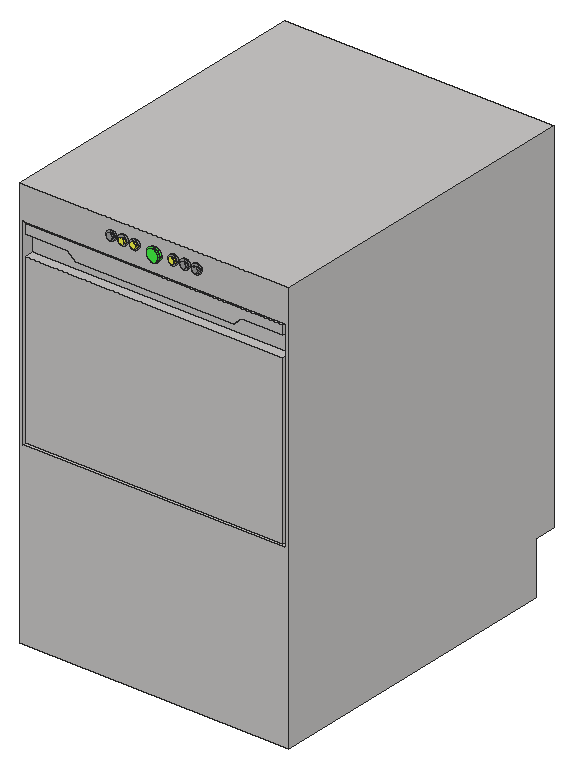
Revit family "QF_ZANUSSI_402232_ZSIC", category Specialty Equipment, Revit 2018
Family settings
  Round Connector Dimension = Use Diameter
  Part Type = Normal
  Work Plane-Based = No
  Always vertical = Yes
  Cut with Voids When Loaded = No
  Shared = No
  Room Calculation Point = No
Parameters
  Weight = 37.00 kg
  Watts = 0 W
  Volts = 0 V
  URL Manufacturer = ""
  URL = "http://professional.electrolux.com/"
  Steam Supply Size = 0 mm
  Steam Supply Minimum Pressure = 0.0 Pa
  Steam Supply Maximum Pressure = 0.0 Pa
  Steam Pounds per Hour = 0
  Show Logo [instance] = yes
  Show Clearance [instance] = yes
  Refrigeration Suction Line Size = 0 mm
  Refrigeration Liquid Line Size = 0 mm
  Refrigerant Compressor Remote = yes
  Manufacturer = ""
  Phase = 0
  Model = ""
  Length Actual = 460 mm  # constant formula
  Item Number = ""
  Hot Water Size = 0 mm
  Height Actual = 715 mm  # constant formula
  HP = "4.4 HP"
  Gas Size = 0 mm
  Gas KW = 0
  Gas Input Pressure = 0 W
  Direct Waste Size = 22 mm
  Description = ""
  Depth Actual = 565 mm  # constant formula
  Cycle = 0 Hz
  Condensate Return Size = 0 mm
  Compressed Air Volume = 0.0 L/s
  Compressed Air Size = 0 mm
  Compressed Air Pressure = 0.0 Pa
  Cold Water Size = 0 mm
  Accessory = yes
Types (2, lengths in mm): name | Volts | URL Manufacturer | URL | Manufacturer | Phase | Model | Item Number | Description | Cycle | Cold Water Size
  (no name) | 0 V | "" | "http://professional.electrolux.com/" | "" | 0 | "" | "" | "" | 0 Hz | 0
  Standard | 200 V | "http://professional.electrolux.com" | "http://professional.electrolux.com" | "Electrolux Professional" | 1 | "ESIC" | "402215" | "GLASSWASHER(S) DOUBLE SKIN, COLD RINSE, 30B/H" | 50 Hz | 19.05
Reference planes
  plane 1 "Center (Front/Back)": y = 0
  plane 2: z = 0
  plane 3 "Center (Left/Right)": x = 0
  plane 4 "LEFT": x = -230
  plane 5 "RIGHT": x = 230
  plane 6 "FRONT": y = -282.5
  plane 7 "BACK": y = 282.5
  plane 8: x = -202.5
  plane 9: x = 202.5
  plane 10: z = 715
  plane 11: z = 10
Forms (mm)
  Extrusion 1, solid, material "QF_Finishes_Stainless Steel"
    sketch origin (0, 0, 0) x (1, 0, 0) y (0, 1, 0)
      loop
        line (-230, -282.5) -> (230, -282.5) -> (230, 243.5) -> (-230, 243.5) -> (-230, -282.5)
    from 10 to 715
  Extrusion 2, solid, material "QF_Finishes_Stainless Steel"
    sketch origin (0, 0, 0) x (1, 0, 0) y (0, 1, 0)
      loop
        line (-230, 243.5) -> (230, 243.5) -> (230, 282.5) -> (-230, 282.5) -> (-230, 243.5)
    from 100 to 715
  Extrusion 3, solid, material "QF_Finishes_Stainless Steel"
    sketch origin (0, 0, 0) x (1, 0, 0) y (0, 1, 0)
      loop
        circle (-202.5, 184.5) r 12.5
      loop
        circle (202.5, 184.5) r 12.5
      loop
        circle (-202.5, -235.5) r 12.5
      loop
        circle (202.5, -235.5) r 12.5
    from 0 to 10
  Extrusion 4, void
    sketch origin (-230, -282.5, 0) x (-1, 0, 0) y (0, 0, 1)
      loop
        line (-5, 658.217) -> (-455, 658.217) -> (-455, 315) -> (-5, 315) -> (-5, 658.217)
    from 0 to 30
  Extrusion 5, solid, material "QF_Finishes_Stainless Steel"
    sketch origin (-288, -392, 738) x (0, 0, -1) y (1, 0, 0)
      loop
        circle (693, 213) r 10
    from -635.5 to -674.5
  Extrusion 6, solid, material "QF_Door-Drawer Clearances", visible <- "Show Clearance", detail levels coarse
    sketch origin (-230, -282.5, 0) x (0, 1, 0) y (0, 0, -1)
      loop
        line (0, -315) -> (-315, -315)
        arc (-315, -315) -> (-223.2, -545.869) -> (0, -655) r 344.605
        line (0, -655) -> (0, -315)
    from -10 to -450
  Extrusion 7, solid, material "QF_Finishes_Stainless Steel"
    sketch origin (-242.481, -392, 738) x (0, 0, -1) y (1, 0, 0)
      loop
        circle (663, 322.481) r 8
    from -635.5 to -674.5
  Extrusion 8, solid, material "QF_Finishes_Green"
    sketch origin (234, -282.5, -28.75) x (-1, 0, 0) y (0, 0, -1)
      loop
        circle (234, -714.569) r 10
    from 0 to 5
  Extrusion 9, solid, material "QF_Finishes_Gray"
    sketch origin (234, -282.5, -24.375) x (-1, 0, 0) y (0, 0, -1)
      loop
        circle (306.936, -713.972) r 5
    from 0 to 5
  Extrusion 10, solid, material "QF_Finishes_Stainless Steel"
    sketch origin (-230, -282.5, 0) x (0, 1, 0) y (0, 0, -1)
      loop
        line (0, -319.622) -> (0, -605) -> (15, -605) -> (15, -655) -> (25, -655) -> (25, -319.622) -> (0, -319.622)
    from -10 to -450
  Extrusion 11, solid, material "QF_Finishes_Stainless Steel"
    sketch origin (-230, -282.5, 0) x (0, 1, 0) y (0, 0, -1)
      loop
        line (15, -655) -> (15, -652.514) -> (2.5, -652.514) -> (2.5, -626.25) -> (0, -626.25) -> (0, -655) -> (15, -655)
    from -10 to -450
  Extrusion 12, void
    sketch origin (-230, -282.5, 655) x (0, 0, 1) y (1, 0, 0)
      loop
        line (-15.552, 10) -> (-15.552, 81.607) -> (-28.75, 94.804) -> (-28.75, 10) -> (-15.552, 10)
      loop
        line (-15.552, 450) -> (-28.75, 450) -> (-28.75, 365.196) -> (-15.552, 378.393) -> (-15.552, 450)
    from 0 to 2.5
  Extrusion 13, solid, material "QF_Finishes_Stainless Steel"
    sketch origin (-328, -392, 738) x (0, 0, -1) y (1, 0, 0)
      loop
        circle (663, 228) r 8
    from -635.5 to -674.5
  Extrusion 14, solid, material "QF_Finishes_Green"
    sketch origin (-230, -282.5, 0) x (1, 0, 0) y (0, 0, 1)
      loop
        circle (230, 685.819) r 12
      loop
        circle (230, 685.819) r 10
    from 0 to 2.5
  Extrusion 15, solid, material "QF_Finishes_Gray"
    sketch origin (-210, -282.5, -28.75) x (1, 0, 0) y (0, 0, 1)
      loop
        circle (262.936, 718.347) r 8
      loop
        circle (262.936, 718.347) r 5
      loop
        circle (242.936, 718.347) r 8
      loop
        circle (242.936, 718.347) r 5
      loop
        circle (282.936, 718.347) r 8
      loop
        circle (282.936, 718.347) r 5
    from 0 to 2.5
  Extrusion 16, solid, material "QF_Finishes_Gray"
    sketch origin (-234, -282.5, -24.375) x (1, 0, 0) y (0, 0, 1)
      loop
        circle (286.936, 713.972) r 5
      loop
        circle (306.936, 713.972) r 5
    from 0 to 5
  Extrusion 17, solid, material "QF_Finishes_Gray"
    sketch origin (210, -282.5, -28.75) x (-1, 0, 0) y (0, 0, -1)
      loop
        circle (262.936, -718.347) r 8
      loop
        circle (262.936, -718.347) r 5
      loop
        circle (242.936, -718.347) r 8
      loop
        circle (242.936, -718.347) r 5
      loop
        circle (282.936, -718.347) r 8
      loop
        circle (282.936, -718.347) r 5
    from 0 to 2.5
  Extrusion 18, solid, material "QF_Finishes_Yellow"
    sketch origin (254, -282.5, -24.375) x (-1, 0, 0) y (0, 0, -1)
      loop
        circle (306.936, -713.972) r 5
    from 0 to 5
  Extrusion 19, solid, material "QF_Finishes_Yellow"
    sketch origin (274, -282.5, -24.375) x (-1, 0, 0) y (0, 0, -1)
      loop
        circle (306.936, -713.972) r 5
    from 0 to 5
  Extrusion 20, solid, material "QF_Finishes_Yellow"
    sketch origin (339.871, -282.5, -24.375) x (-1, 0, 0) y (0, 0, -1)
      loop
        circle (306.936, -713.972) r 5
    from 0 to 5
Cuts and joins
  Extrusion 4 cuts Extrusion 1
  joined: Extrusion 1, Extrusion 2
  Extrusion 12 cuts Extrusion 10
  Extrusion 12 cuts Extrusion 11
Lines and regions (mm)
  Split face 1
    outline origin (-230, -282.5, 715) x (0, 0, -1) y (1, 0, 0)
      loop
        line (35, 0) -> (35, 60) -> (49.142, 74.142) -> (49.142, 214.142) -> (11.456, 214.142)
        arc (11.456, 214.142) -> (9.82, 214.82) -> (9.142, 216.456) r 2.314
        line (9.142, 216.456) -> (9.142, 230) -> (9.142, 243.544)
        arc (9.142, 243.544) -> (9.82, 245.18) -> (11.456, 245.858) r 2.314
        line (11.456, 245.858) -> (49.142, 245.858) -> (49.142, 385.858) -> (35, 400) -> (35, 460)
      loop
        line (56.783, 5) -> (56.783, 0)
      loop
        line (56.783, 455) -> (56.783, 460)
  symbolic lines
    curve 1: line (-230, 282.5, 0) -> (230, 282.5, 0)
    curve 2: line (-230, -282.5, 0) -> (-230, 282.5, 0)
    curve 3: line (230, -282.5, 0) -> (-230, -282.5, 0)
    curve 4: line (230, 282.5, 0) -> (230, -282.5, 0)
    curve 9: line (-80.94, -285, 0) -> (-80.94, -282.5, 0)
    curve 10: line (-64.948, -285, 0) -> (-64.948, -282.5, 0)
    curve 11: line (-77.926, -287.5, 0) -> (-67.936, -287.5, 0)
    curve 12: line (-67.936, -287.5, 0) -> (-67.936, -285, 0)
    curve 13: line (-77.926, -287.5, 0) -> (-77.926, -285, 0)
    curve 14: line (-60.936, -285, 0) -> (-44.936, -285, 0)
    curve 15: line (-44.936, -285, 0) -> (-44.936, -282.5, 0)
    curve 16: line (-60.936, -285, 0) -> (-60.936, -282.5, 0)
    curve 17: line (-57.936, -287.5, 0) -> (-47.936, -287.5, 0)
    curve 18: line (-47.936, -287.5, 0) -> (-47.936, -285, 0)
    curve 19: line (-57.936, -287.5, 0) -> (-57.936, -285, 0)
    curve 20: line (-40.936, -285, 0) -> (-24.936, -285, 0)
    curve 21: line (-24.936, -285, 0) -> (-24.936, -282.5, 0)
    curve 22: line (-40.936, -285, 0) -> (-40.936, -282.5, 0)
    curve 23: line (-37.936, -287.5, 0) -> (-27.936, -287.5, 0)
    curve 24: line (-27.936, -287.5, 0) -> (-27.936, -285, 0)
    curve 25: line (-37.936, -287.5, 0) -> (-37.936, -285, 0)
    curve 26: line (24.936, -285, 0) -> (40.936, -285, 0)
    curve 27: line (40.936, -285, 0) -> (40.936, -282.5, 0)
    curve 28: line (27.936, -287.5, 0) -> (37.936, -287.5, 0)
    curve 29: line (37.936, -287.5, 0) -> (37.936, -285, 0)
    curve 30: line (27.936, -287.5, 0) -> (27.936, -285, 0)
    curve 31: line (24.936, -285, 0) -> (24.936, -282.5, 0)
    curve 32: line (-12, -285, 0) -> (12, -285, 0)
    curve 33: line (12, -285, 0) -> (12, -282.5, 0)
    curve 34: line (-12, -285, 0) -> (-12, -282.5, 0)
    curve 35: line (-10, -287.5, 0) -> (10, -287.5, 0)
    curve 36: line (10, -287.5, 0) -> (10, -285, 0)
    curve 37: line (-10, -287.5, 0) -> (-10, -285, 0)
    curve 39: line (44.936, -285, 0) -> (60.936, -285, 0)
    curve 40: line (60.936, -285, 0) -> (60.936, -282.5, 0)
    curve 41: line (47.936, -287.5, 0) -> (57.936, -287.5, 0)
    curve 42: line (57.936, -287.5, 0) -> (57.936, -285, 0)
    curve 43: line (47.936, -287.5, 0) -> (47.936, -285, 0)
    curve 44: line (44.936, -285, 0) -> (44.936, -282.5, 0)
    curve 45: line (64.936, -285, 0) -> (80.936, -285, 0)
    curve 46: line (80.936, -285, 0) -> (80.936, -282.5, 0)
    curve 47: line (67.936, -287.5, 0) -> (77.936, -287.5, 0)
    curve 48: line (77.936, -287.5, 0) -> (77.936, -285, 0)
    curve 49: line (67.936, -287.5, 0) -> (67.936, -285, 0)
    curve 50: line (64.936, -285, 0) -> (64.936, -282.5, 0)
  symbolic lines, style "QF_Door-Drawer Clearances"
    curve 5: line (-220, -597.5, 0) -> (220, -597.5, 0)
    curve 6: line (220, -597.5, 0) -> (220, -282.5, 0)
    curve 7: line (-220, -597.5, 0) -> (-220, -282.5, 0)
  symbolic lines, style "SpecialityEquipment"
    curve 8: line (-80.94, -285, 0) -> (-64.948, -285, 0)
  symbolic lines, style "SpecialityEquipmentHiddenLines"
    curve 38: line (-230, 243.5, 0) -> (230, 243.5, 0)
Dimensions and locks
  equal spacing: plane 4 "LEFT", plane 3 "Center (Left/Right)", plane 5 "RIGHT"
  equal spacing: plane 7 "BACK", plane 1 "Center (Front/Back)", plane 6 "FRONT"
  plane 7 "BACK" to plane 6 "FRONT" = 565 mm
  plane 4 "LEFT" to plane 5 "RIGHT" = 460 mm
  plane 4 "LEFT" to plane 8 = 27.5 mm
  plane 9 to plane 5 "RIGHT" = 27.5 mm
  locked: plane 11 to level at 10
  plane 4 "LEFT" to plane 3 "Center (Left/Right)" = 230 mm
  plane 10 to level = 715 mm  (x2)
  plane 8 to plane 9 = 405 mm
  level to Extrusion 13 sketch curve = 75 mm
  Extrusion 13 sketch curve to plane 4 "LEFT" = 130 mm
  level to Extrusion 5 sketch curve = 45 mm
  Extrusion 5 sketch curve to plane 4 "LEFT" = 155 mm
  Extrusion 7 sketch curve to plane 4 "LEFT" = 310 mm
  level to Extrusion 7 sketch curve = 75 mm
  locked: Extrusion 3 to cut or joined group of Extrusion 1, Extrusion 2, Extrusion 4 at 98
  Extrusion 3 to Extrusion 3 = 420 mm
  locked: plane 6 "FRONT" to Extrusion 3 at 47
  plane 9 to plane 8 = 405 mm
  plane 7 "BACK" to curve 5 = 880 mm
  cut or joined group of Extrusion 10, Extrusion 12 to cut or joined group of Extrusion 1, Extrusion 2, Extrusion 4 = 290 mm
  aligned and locked: level to plane 2
  aligned and locked: Extrusion 1 sketch curve to plane 6 "FRONT"
  aligned and locked: Extrusion 1 sketch curve to plane 4 "LEFT"
  aligned and locked: plane 5 "RIGHT" to Extrusion 1 sketch curve
  aligned and locked: Extrusion 1 to plane 11
  aligned and locked: Extrusion 2 sketch curve to Extrusion 1  (x2)
  aligned and locked: plane 7 "BACK" to Extrusion 2 sketch curve
  aligned and locked: plane 5 "RIGHT" to Extrusion 2 sketch curve
  aligned and locked: plane 11 to Extrusion 3
  aligned and locked: Extrusion 2 to Extrusion 5
  aligned and locked: Extrusion 2 to Extrusion 7
  aligned and locked: plane 7 "BACK" to Extrusion 7
  aligned and locked: plane 7 "BACK" to Extrusion 5
  aligned and locked: cut or joined group of Extrusion 11, Extrusion 12 to Extrusion 12
  aligned and locked: plane 10 to Extrusion 2
Automatic sketch dimensions
  curve 1 to plane 4 "LEFT" = 0 mm
  curve 7 to plane 6 "FRONT" = 0 mm
  curve 4 to plane 5 "RIGHT" = 0 mm
  curve 2 to plane 7 "BACK" = 0 mm
  plane 4 "LEFT" to curve 5 = 10 mm
  curve 8 to plane 6 "FRONT" = 2.5 mm
  curve 8 to plane 3 "Center (Left/Right)" = 80.94 mm
  curve 8 to curve 11 = 3.013 mm
  curve 11 to curve 11 = 9.991 mm
  curve 12 to curve 10 = 2.987 mm
  curve 8 to curve 16 = 4.013 mm
  curve 14 to curve 19 = 3 mm
  curve 17 to plane 6 "FRONT" = 5 mm
  curve 17 to curve 17 = 10 mm
  curve 18 to curve 14 = 3 mm
  curve 14 to curve 20 = 4 mm
  curve 20 to curve 25 = 3 mm
  curve 24 to plane 6 "FRONT" = 5 mm
  curve 23 to curve 24 = 10 mm
  curve 24 to curve 21 = 3 mm
  curve 34 to plane 6 "FRONT" = 2.5 mm
  curve 34 to plane 3 "Center (Left/Right)" = 12 mm
  curve 32 to curve 37 = 2 mm
  plane 3 "Center (Left/Right)" to curve 36 = 10 mm
  curve 36 to curve 33 = 2 mm
  curve 26 to plane 6 "FRONT" = 2.5 mm
  curve 32 to curve 26 = 12.936 mm
  curve 26 to curve 30 = 3 mm
  curve 28 to plane 6 "FRONT" = 5 mm
  curve 28 to curve 28 = 10 mm
  curve 29 to curve 27 = 3 mm
  curve 26 to curve 44 = 4 mm
  curve 39 to curve 43 = 3 mm
  curve 41 to plane 6 "FRONT" = 5 mm
  curve 41 to curve 41 = 10 mm
  curve 42 to curve 39 = 3 mm
  curve 39 to curve 50 = 4 mm
  curve 45 to curve 47 = 3 mm
  curve 47 to plane 6 "FRONT" = 5 mm
  curve 47 to curve 47 = 10 mm
  curve 48 to curve 45 = 3 mm
  curve 6 to plane 5 "RIGHT" = 10 mm
  curve 35 to curve 36 = 2.5 mm
  curve 11 to curve 13 = 2.5 mm
  curve 15 to plane 6 "FRONT" = 2.5 mm
  curve 20 to plane 6 "FRONT" = 2.5 mm
  curve 40 to plane 6 "FRONT" = 2.5 mm
  curve 45 to plane 6 "FRONT" = 2.5 mm
  curve 38 to plane 7 "BACK" = 39 mm
  Extrusion 1 sketch curve to plane 7 "BACK" = 39 mm
  Extrusion 3 sketch curve to plane 8 = 0 mm  (x2)
  Extrusion 3 sketch curve to plane 9 = 0 mm  (x2)
  plane 6 "FRONT" to Extrusion 3 sketch curve = 47 mm  (x2)
  Extrusion 3 sketch curve to plane 7 "BACK" = 98 mm  (x2)
  Extrusion 4 sketch curve to Extrusion 1 = 5 mm  (x2)
  Extrusion 4 sketch curve to Extrusion 1 = 305 mm
  Extrusion 4 sketch curve to Extrusion 1 = 56.783 mm
  Extrusion 6 sketch curve to plane 6 "FRONT" = 0 mm
  Extrusion 6 sketch curve to plane 6 "FRONT" = 315 mm
  plane 6 "FRONT" to Extrusion 6 sketch curve = 29.589 mm
  Extrusion 6 sketch curve to plane 10 = 60 mm
  plane 11 to Extrusion 6 sketch curve = 305 mm
  Extrusion 8 sketch curve to Extrusion 8 sketch curve = 0 mm  (x2)
  Extrusion 8 sketch curve to plane 3 "Center (Left/Right)" = 0 mm
  Extrusion 8 sketch curve to plane 10 = 29.181 mm
  plane 3 "Center (Left/Right)" to Extrusion 8 sketch curve = 10 mm
  Extrusion 9 sketch curve to Extrusion 9 sketch curve = 0 mm  (x2)
  Extrusion 9 sketch curve to plane 10 = 25.403 mm
  Extrusion 9 sketch curve to plane 3 "Center (Left/Right)" = 72.936 mm
  Extrusion 9 sketch curve to Extrusion 9 sketch curve = 5 mm
  Extrusion 10 sketch curve to plane 6 "FRONT" = 0 mm
  plane 6 "FRONT" to Extrusion 10 sketch curve = 15 mm
  Extrusion 10 sketch curve to Extrusion 10 sketch curve = 25 mm
  Extrusion 10 sketch curve to plane 10 = 60 mm
  Extrusion 10 sketch curve to Extrusion 10 sketch curve = 50 mm
  Extrusion 10 sketch curve to Extrusion 10 sketch curve = 285.378 mm
  Extrusion 11 sketch curve to plane 6 "FRONT" = 0 mm
  Extrusion 11 sketch curve to Extrusion 11 sketch curve = 2.5 mm
  Extrusion 11 sketch curve to Extrusion 11 sketch curve = 12.5 mm
  Extrusion 11 sketch curve to plane 10 = 60 mm
  Extrusion 11 sketch curve to Extrusion 11 sketch curve = 2.486 mm
  Extrusion 11 sketch curve to Extrusion 11 sketch curve = 26.264 mm
  Extrusion 12 sketch curve to Extrusion 11 = 0 mm  (x3)
  Extrusion 11 to Extrusion 12 sketch curve = 0 mm
  Extrusion 12 sketch curve to Extrusion 11 = 13.198 mm  (x2)
  Extrusion 12 sketch curve to Extrusion 11 = 71.607 mm
  Extrusion 12 sketch curve to Extrusion 12 sketch curve = 13.198 mm  (x2)
  Extrusion 12 sketch curve to Extrusion 11 = 84.804 mm
  Extrusion 14 sketch curve to Extrusion 14 sketch curve = 0 mm  (x2)
  Extrusion 1 to Extrusion 14 sketch curve = 29.181 mm
  Extrusion 1 to Extrusion 14 sketch curve = 230 mm
  Extrusion 15 sketch curve to Extrusion 15 sketch curve = 0 mm  (x8)
  plane 3 "Center (Left/Right)" to Extrusion 15 sketch curve = 32.936 mm
  Extrusion 15 sketch curve to Extrusion 15 sketch curve = 20 mm  (x2)
  Extrusion 15 sketch curve to plane 10 = 25.403 mm
  Extrusion 16 sketch curve to Extrusion 16 sketch curve = 0 mm  (x5)
  Extrusion 16 sketch curve to plane 10 = 25.403 mm
  plane 3 "Center (Left/Right)" to Extrusion 16 sketch curve = 52.936 mm
  Extrusion 16 sketch curve to Extrusion 16 sketch curve = 20 mm
  Extrusion 16 sketch curve to Extrusion 16 sketch curve = 5 mm  (x2)
  Split face 1 sketch curve to cut or joined group of Extrusion 1, Extrusion 2, Extrusion 4 = 0 mm  (x6)
  cut or joined group of Extrusion 1, Extrusion 2, Extrusion 4 to Split face 1 sketch curve = 0 mm  (x2)
  cut or joined group of Extrusion 1, Extrusion 2, Extrusion 4 to Split face 1 sketch curve = 7.641 mm  (x2)
  Split face 1 sketch curve to Split face 1 sketch curve = 14.142 mm  (x4)
  Split face 1 sketch curve to cut or joined group of Extrusion 1, Extrusion 2, Extrusion 4 = 11.456 mm  (x2)
  Split face 1 sketch curve to cut or joined group of Extrusion 1, Extrusion 2, Extrusion 4 = 9.142 mm
  Split face 1 sketch curve to cut or joined group of Extrusion 1, Extrusion 2, Extrusion 4 = 55 mm
  Split face 1 sketch curve to Split face 1 sketch curve = 140 mm
  Split face 1 sketch curve to Split face 1 sketch curve = 13.544 mm  (x2)
  Split face 1 sketch curve to cut or joined group of Extrusion 1, Extrusion 2, Extrusion 4 = 69.142 mm
  Extrusion 17 sketch curve to Extrusion 17 sketch curve = 0 mm  (x8)
  Extrusion 17 sketch curve to plane 3 "Center (Left/Right)" = 32.936 mm
  Extrusion 17 sketch curve to Extrusion 17 sketch curve = 20 mm  (x2)
  Extrusion 17 sketch curve to plane 10 = 25.403 mm
  Extrusion 18 sketch curve to Extrusion 18 sketch curve = 0 mm  (x2)
  Extrusion 18 sketch curve to plane 10 = 25.403 mm
  Extrusion 18 sketch curve to plane 3 "Center (Left/Right)" = 52.936 mm
  Extrusion 18 sketch curve to Extrusion 18 sketch curve = 5 mm
  Extrusion 19 sketch curve to Extrusion 19 sketch curve = 0 mm  (x2)
  Extrusion 19 sketch curve to plane 3 "Center (Left/Right)" = 32.936 mm
  Extrusion 19 sketch curve to plane 10 = 25.403 mm
  Extrusion 19 sketch curve to Extrusion 19 sketch curve = 5 mm
  Extrusion 20 sketch curve to Extrusion 20 sketch curve = 0 mm  (x2)
  plane 3 "Center (Left/Right)" to Extrusion 20 sketch curve = 32.936 mm
  Extrusion 20 sketch curve to plane 10 = 25.403 mm
  Extrusion 20 sketch curve to Extrusion 20 sketch curve = 5 mm
  radius of Extrusion 5 sketch curve = 10 mm
  radius of Extrusion 7 sketch curve = 8 mm
  radius of Extrusion 13 sketch curve = 8 mm
  radius of Extrusion 3 sketch curve = 12.5 mm  (x4)
  radius of Extrusion 14 sketch curve = 12 mm
  radius of Extrusion 14 sketch curve = 10 mm
  radius of Extrusion 15 sketch curve = 8 mm  (x3)
  radius of Extrusion 15 sketch curve = 5 mm  (x3)
  radius of Extrusion 17 sketch curve = 8 mm  (x3)
  radius of Extrusion 17 sketch curve = 5 mm  (x3)
Connectors
  piping at (-75, 282.5, 45), diameter 20
    settings: on Extrusion 5, index 1, connector inside diameter 609.6 mm, connector length 0 mm, flow factor 0, pipe flow 0.0 L/s, pressure drop 0.0 Pa, fitting loss kfactor 0, connector angle 0.00°, fixture units 0, engagement length 0 mm, angle of deflection 0.00°, flow configuration 1, flow direction 1, fitting loss method 0, system type 16, joint type 0, gender type 0, connector reference index -1, connector utility 0, adjustable connector no, is connector primary yes, connector description "Drain"
  piping at (80, 282.5, 75), driven by "Cold Water Size"
    settings: on Extrusion 7, index 3, connector diameter 0 mm, connector inside diameter 609.6 mm, connector length 0 mm, flow factor 0, pipe flow 0.0 L/s, pressure drop 0.0 Pa, fitting loss kfactor 0, connector angle 0.00°, fixture units 0, engagement length 0 mm, angle of deflection 0.00°, flow configuration 1, flow direction 1, fitting loss method 0, system type 20, joint type 0, gender type 0, connector reference index -1, connector utility 0, adjustable connector no, is connector primary no, connector description "Cold Water Inlet"
  electrical at (-100, 282.5, 75), driven by "Volts"
    settings: on Extrusion 13, index 4, voltage 0 V, apparent load 0 VA, apparent load phase1 0 VA, apparent load phase2 0 VA, apparent load phase3 0 VA, power factor 1, load classification "Altro", number of poles 1, system type 31, power factor state 1, is connector primary yes, connector utility no, sub classification motor no, connector description "Electrical Connection"
